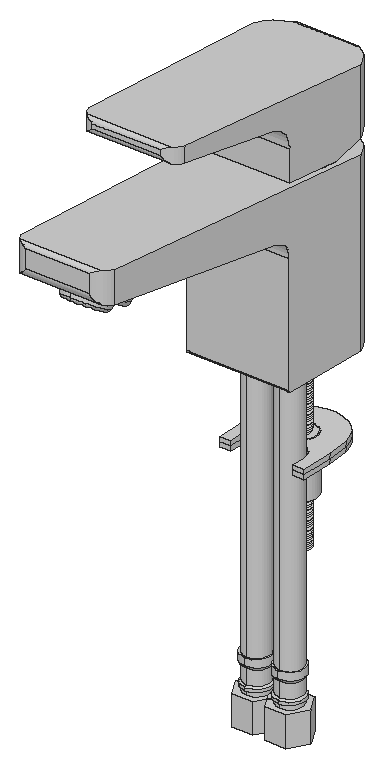
Revit family "SB-2411", category Plumbing Equipment, host Face, Revit 2023
Family settings
  Host = Face
  Round Connector Dimension = Use Diameter
  Classification = None
  Part Type = Normal
  Cut with Voids When Loaded = No
  Maintain Annotation Orientation = No
  Shared = No
  Room Calculation Point = No
Parameters
  Material = Steel
  Default Elevation = 4' - 0"
Reference planes (in)
  plane 1 "Center (Front/Back)": y = 0
  plane 2: z = 0
  plane 3 "Center (Left/Right)": x = 0
  plane 4: z = 3.25
  plane 5: y = -4
  plane 6: z = 2.34375
  plane 7: y = -0.625
  plane 8: y = 0.625
Forms (in)
  Extrusion 1, solid, material "Steel" <- "Material"
    sketch origin (0, -14.87687, -8.3248) x (0, 1, 0) y (0, 0, 1)
      loop
        arc (13.97062, 8.34888) -> (13.97767, 8.33185) -> (13.99469, 8.3248) r 0.02407
        line (13.99469, 8.3248) -> (15.75905, 8.3248)
        arc (15.75905, 8.3248) -> (15.77607, 8.33185) -> (15.78312, 8.34888) r 0.02407
        line (15.78312, 8.34888) -> (15.78312, 11.04824)
        arc (15.78312, 11.04824) -> (15.76649, 11.09097) -> (15.72536, 11.11123) r 0.06323
        line (15.72536, 11.11123) -> (10.41332, 11.5729)
        arc (10.41332, 11.5729) -> (10.36582, 11.55676) -> (10.34562, 11.51083) r 0.0623
        line (10.34562, 11.51083) -> (10.34562, 11.2209)
        arc (10.34562, 11.2209) -> (10.38181, 11.12275) -> (10.47307, 11.0716) r 0.15118
        line (10.47307, 11.0716) -> (13.71283, 10.55668)
        arc (13.71283, 10.55668) -> (13.89741, 10.45321) -> (13.97062, 10.25469) r 0.30578
        line (13.97062, 10.25469) -> (13.97062, 8.34888)
    from -0.85938 to 0.85937
  Extrusion 2, solid, material "Steel" <- "Material"
    sketch origin (0, 0, 0.10303) x (0, 1, 0) y (0, 0, 1)
      loop
        line (-0.90387, 2.90975) -> (0.01491, 2.8299) -> (0.90625, 3.09963) -> (0.90625, 3.95042)
        arc (0.90625, 3.95042) -> (0.89577, 3.97736) -> (0.86984, 3.99013) r 0.03986
        line (0.86984, 3.99013) -> (-3.0869, 4.33424)
        arc (-3.0869, 4.33424) -> (-3.13249, 4.31875) -> (-3.15187, 4.27467) r 0.05979
        line (-3.15187, 4.27467) -> (-3.15187, 4.1945)
        arc (-3.15187, 4.1945) -> (-3.12757, 4.12852) -> (-3.06628, 4.09406) r 0.10173
        line (-3.06628, 4.09406) -> (-1.23658, 3.80009)
        arc (-1.23658, 3.80009) -> (-0.99833, 3.66614) -> (-0.90387, 3.40966) r 0.39544
        line (-0.90387, 3.40966) -> (-0.90387, 2.90975)
    from -0.85938 to 0.85937
  Revolve 3, solid, material "Steel" <- "Material"
    sketch origin (0, 0.01562, 0) x (0, 1, 0) y (0, 0, 1)
      loop
        line (0.43824, -0.04407) -> (0.48499, -0.06409) -> (0.4448, -0.07486) -> (0.48499, -0.09489) -> (0.4448, -0.10566) -> (0.48499, -0.1257) -> (0.4448, -0.13646) -> (0.48899, -0.15849) -> (0.45097, -0.16868) -> (0.48499, -0.1778) -> (0.45387, -0.18614) -> (0.45387, -0.51892) -> (0.48499, -0.53225) -> (0.4448, -0.54302) -> (0.48499, -0.56306) -> (0.4448, -0.57383) -> (0.48499, -0.59386) -> (0.4448, -0.60463) -> (0.48899, -0.62666) -> (0.45097, -0.63684) -> (0.48499, -0.64596) -> (0.44811, -0.66726) -> (0.48499, -0.68306) -> (0.4448, -0.69383) -> (0.48499, -0.71386) -> (0.4448, -0.72463) -> (0.48499, -0.74466) -> (0.4448, -0.75543) -> (0.48899, -0.77746) -> (0.45097, -0.78765) -> (0.48499, -0.79676) -> (0.44116, -0.80851) -> (0.48499, -0.82728) -> (0.4448, -0.83805) -> (0.48499, -0.85808) -> (0.4448, -0.86885) -> (0.48499, -0.88888) -> (0.4448, -0.89965) -> (0.48899, -0.92168) -> (0.45097, -0.93187) -> (0.48499, -0.94099) -> (0.44544, -0.96114) -> (0.48499, -0.97808) -> (0.4448, -0.98885) -> (0.48499, -1.00888) -> (0.4448, -1.01965) -> (0.48499, -1.03968) -> (0.4448, -1.05045) -> (0.48899, -1.07248) -> (0.45097, -1.08267) -> (0.48499, -1.09179) -> (0.43721, -1.10459) -> (0.48499, -1.12505) -> (0.4448, -1.13582) -> (0.48499, -1.15585) -> (0.4448, -1.16662) -> (0.48499, -1.18666) -> (0.4448, -1.19742) -> (0.48899, -1.21945) -> (0.45097, -1.22964) -> (0.48499, -1.23876) -> (0.43171, -1.25303) -> (0.48499, -1.27585) -> (0.4448, -1.28662) -> (0.48499, -1.30665) -> (0.4448, -1.31742) -> (0.48499, -1.33746) -> (0.4448, -1.34823) -> (0.47157, -1.375) -> (0.58086, -1.375) -> (0.58086, -2.27118) -> (0.48499, -2.27118) -> (0.4448, -2.28195) -> (0.48899, -2.30398) -> (0.45097, -2.31417) -> (0.48499, -2.32328) -> (0.44116, -2.33503) -> (0.48499, -2.3538) -> (0.4448, -2.36457) -> (0.48499, -2.3846) -> (0.4448, -2.39537) -> (0.48499, -2.4154) -> (0.4448, -2.42617) -> (0.48899, -2.4482) -> (0.45097, -2.45839) -> (0.48499, -2.4675) -> (0.43171, -2.48178) -> (0.48499, -2.5046) -> (0.4448, -2.51537) -> (0.48499, -2.5354) -> (0.4448, -2.54617) -> (0.48499, -2.5662) -> (0.4448, -2.57697) -> (0.48899, -2.599) -> (0.45097, -2.60919) -> (0.48499, -2.61831) -> (0.43721, -2.63111) -> (0.48499, -2.65157) -> (0.4448, -2.66234) -> (0.48499, -2.68237) -> (0.4448, -2.69314) -> (0.48499, -2.71317) -> (0.4448, -2.72394) -> (0.48899, -2.74597) -> (0.45097, -2.75616) -> (0.48499, -2.76528) -> (0.43171, -2.77955) -> (0.48499, -2.80237) -> (0.4448, -2.81314) -> (0.48499, -2.83317) -> (0.4448, -2.84394) -> (0.48499, -2.86398) -> (0.4448, -2.87475) -> (0.48499, -2.89478) -> (0.4448, -2.90555) -> (0.48899, -2.92757) -> (0.45097, -2.93776) -> (0.48499, -2.94688) -> (0.43171, -2.96116) -> (0.48499, -2.98397) -> (0.4448, -2.99474) -> (0.48499, -3.01478) -> (0.4448, -3.02555) -> (0.48499, -3.04558) -> (0.3212, -3.04558) -> (0.3212, 0) -> (0.49963, 0) -> (0.4448, -0.01469) -> (0.48499, -0.03472) -> (0.44281, -0.04603)
      axis (0.3212, 0) -> (0.3212, -3.04558)
    angle from 0 to 360
  Extrusion 4, solid, material "Steel" <- "Material"
    sketch origin (0, 0, 0) x (0, 1, 0) y (-1, 0, 0)
      loop
        arc (0.45804, -0.64798) -> (0.97359, -0.00037) -> (0.45804, 0.64724) r 0.66453
        arc (0.45804, 0.64724) -> (0.27447, 0.67455) -> (0.08922, 0.6837) r 1.96732
        arc (0.08922, 0.6837) -> (-0.16994, 0.68946) -> (-0.42878, 0.67534) r 3.37866
        line (-0.42878, 0.67534) -> (-0.42878, 0.494) -> (-0.20387, 0.494)
        arc (-0.20387, 0.494) -> (-0.04765, 0.44372) -> (0.04993, 0.31178) r 0.26785
        line (0.04993, 0.31178) -> (0.04993, -0.31312)
        arc (0.04993, -0.31312) -> (-0.04765, -0.44506) -> (-0.20387, -0.49533) r 0.26785
        line (-0.20387, -0.49533) -> (-0.42755, -0.49533) -> (-0.42755, -0.67545)
        arc (-0.42755, -0.67545) -> (-0.16932, -0.68947) -> (0.08922, -0.6837) r 3.37866
        arc (0.08922, -0.6837) -> (0.27447, -0.67455) -> (0.45804, -0.64798) r 1.96732
      loop
        circle (0.3212, 0) r 0.25966
    from -1.44754 to -1.375
  Revolve 5, solid, material "Steel" <- "Material"
    sketch origin (0.26694, -14.29444, -11.35248) x (0, 1, 0) y (0, 0, 1)
      loop
        line (14.29444, 11.19066) -> (14.33149, 11.19066) -> (14.29444, 11.22771) -> (14.29444, 11.35248) -> (14.09536, 11.35248) -> (14.09536, 6.38421) -> (14.29444, 6.38421) -> (14.29444, 6.46643) -> (14.32569, 6.46643) -> (14.32569, 6.50732) -> (14.29444, 6.53857) -> (14.29444, 6.77104) -> (14.32692, 6.81432) -> (14.32692, 6.93803) -> (14.29444, 6.93803) -> (14.29444, 11.19066)
      axis (14.09536, 11.35248) -> (14.09536, 6.38421)
    angle from 0 to 360
  Extrusion 6, solid, material "Steel" <- "Material"
    sketch origin (0, 0, -0.07254) x (0, 1, 0) y (-1, 0, 0)
      loop
        arc (0.45804, -0.64798) -> (0.97359, -0.00037) -> (0.45804, 0.64724) r 0.66453
        arc (0.45804, 0.64724) -> (0.27447, 0.67455) -> (0.08922, 0.6837) r 1.96732
        arc (0.08922, 0.6837) -> (-0.16994, 0.68946) -> (-0.42878, 0.67534) r 3.37866
        line (-0.42878, 0.67534) -> (-0.42878, 0.494) -> (-0.20387, 0.494)
        arc (-0.20387, 0.494) -> (-0.04765, 0.44372) -> (0.04993, 0.31178) r 0.26785
        line (0.04993, 0.31178) -> (0.04993, -0.31312)
        arc (0.04993, -0.31312) -> (-0.04765, -0.44506) -> (-0.20387, -0.49533) r 0.26785
        line (-0.20387, -0.49533) -> (-0.42755, -0.49533) -> (-0.42755, -0.67545)
        arc (-0.42755, -0.67545) -> (-0.16932, -0.68947) -> (0.08922, -0.6837) r 3.37866
        arc (0.08922, -0.6837) -> (0.27447, -0.67455) -> (0.45804, -0.64798) r 1.96732
      loop
        circle (0.3212, 0) r 0.25966
    from -1.44754 to -1.375
  Revolve 7, solid, material "Steel" <- "Material"
    sketch origin (0, -0.13776, 0.08435) x (0, 1, 0) y (0, 0, 1)
      loop
        line (-3.28508, 2.16558) -> (-3.06755, 2.53441) -> (-3.39193, 2.58597) -> (-3.66114, 2.13843) -> (-3.6145, 2.11037)
        arc (-3.6145, 2.11037) -> (-3.58367, 2.1038) -> (-3.55535, 2.11761) r 0.04838
        line (-3.55535, 2.11761) -> (-3.48292, 2.19004) -> (-3.38113, 2.13777)
        arc (-3.38113, 2.13777) -> (-3.32758, 2.1326) -> (-3.28508, 2.16558) r 0.07287
      axis (-3.86224, 2.2594) -> (-3.52961, 2.81236)
    angle from 0 to 360
  Revolve 8, solid, material "Steel" <- "Material"
    sketch origin (0, 0, 0) x (0, 1, 0) y (0, 0, 1)
      loop
        line (0, 2.77566) -> (0.76116, 2.77566) -> (0.76116, 2.83344)
        arc (0.76116, 2.83344) -> (0.53822, 3.37166) -> (0, 3.5946) r 0.76116
        line (0, 3.5946) -> (0, 2.77566)
      axis (0, 3.5946) -> (0, 2.77566)
    angle from 0 to 360
  Extrusion 9, void
    sketch origin (0, 0, 0) x (1, 0, 0) y (0, 1, 0)
      loop
        line (0.85874, 0.48399) -> (0.73703, -4.31294)
        arc (0.73703, -4.31294) -> (0.66117, -4.45912) -> (0.51311, -4.53125) r 0.26224
        line (0.51311, -4.53125) -> (0.51311, -5.20578) -> (1.67369, -5.20578) -> (1.67369, 1.86508) -> (0.43647, 1.86508) -> (0.43647, 0.90625)
        arc (0.43647, 0.90625) -> (0.69526, 0.74277) -> (0.85874, 0.48399) r 0.69516
    from -0.64596 to 12
  Extrusion 10, void
    sketch origin (0, 0, 0) x (1, 0, 0) y (0, 1, 0)
      loop
        line (0.85874, 0.48399) -> (0.77203, -2.93357)
        arc (0.77203, -2.93357) -> (0.69617, -3.07975) -> (0.54811, -3.15187) r 0.26224
        line (0.54811, -3.15187) -> (0.54811, -3.37779) -> (1.67369, -3.37779) -> (1.67369, 1.86508) -> (0.43647, 1.86508) -> (0.43647, 0.90625)
        arc (0.43647, 0.90625) -> (0.69526, 0.74277) -> (0.85874, 0.48399) r 0.69516
    from 2.69481 to 12
  Extrusion 11, void
    sketch origin (0, 0, 0) x (-1, 0, 0) y (0, -1, 0)
      loop
        arc (0.85874, -0.48399) -> (0.69526, -0.74277) -> (0.43647, -0.90625) r 0.69516
        line (0.43647, -0.90625) -> (0.43647, -1.86508) -> (1.67369, -1.86508) -> (1.67369, 5.20578) -> (0.51311, 5.20578) -> (0.51311, 4.53125)
        arc (0.51311, 4.53125) -> (0.66117, 4.45912) -> (0.73703, 4.31294) r 0.26224
        line (0.73703, 4.31294) -> (0.85874, -0.48399)
    from -0.64596 to 12
  Extrusion 12, void
    sketch origin (0, 0, 0) x (-1, 0, 0) y (0, -1, 0)
      loop
        arc (0.85874, -0.48399) -> (0.69526, -0.74277) -> (0.43647, -0.90625) r 0.69516
        line (0.43647, -0.90625) -> (0.43647, -1.86508) -> (1.67369, -1.86508) -> (1.67369, 3.37779) -> (0.54811, 3.37779) -> (0.54811, 3.15187)
        arc (0.54811, 3.15187) -> (0.69617, 3.07975) -> (0.77203, 2.93357) r 0.26224
        line (0.77203, 2.93357) -> (0.85874, -0.48399)
    from 2.69481 to 12
  Extrusion 13, solid, material "Steel" <- "Material"
    sketch origin (0.26694, -0.19908, -4.96827) x (0, 1, 0) y (1, 0, 0)
      loop
        line (0, 0.33623) -> (-0.29118, 0.16812) -> (-0.29118, -0.16812) -> (0, -0.33623) -> (0.29118, -0.16812) -> (0.29118, 0.16812) -> (0, 0.33623)
    from 0 to 0.47981
  Revolve 14, solid, material "Steel" <- "Material"
    sketch origin (-0.26694, -14.29444, -11.35248) x (0, 1, 0) y (0, 0, -1)
      loop
        line (14.29444, -11.19066) -> (14.29444, -6.93803) -> (14.32692, -6.93803) -> (14.32692, -6.81432) -> (14.29444, -6.77104) -> (14.29444, -6.53857) -> (14.32569, -6.50732) -> (14.32569, -6.46643) -> (14.29444, -6.46643) -> (14.29444, -6.38421) -> (14.09536, -6.38421) -> (14.09536, -11.35248) -> (14.29444, -11.35248) -> (14.29444, -11.22771) -> (14.33149, -11.19066) -> (14.29444, -11.19066)
      axis (14.09536, -11.35248) -> (14.09536, -6.38421)
    angle from 0 to 360
  Extrusion 15, solid, material "Steel" <- "Material"
    sketch origin (-0.26694, -0.19908, -4.96827) x (1, 0, 0) y (0, -1, 0)
      loop
        line (-0.33623, 0) -> (-0.16812, -0.29118) -> (0.16812, -0.29118) -> (0.33623, 0) -> (0.16812, 0.29118) -> (-0.16812, 0.29118) -> (-0.33623, 0)
    from 0 to 0.47981
Cuts and joins
  Extrusion 9, Extrusion 11 cuts Extrusion 1
  Extrusion 10, Extrusion 12 cuts Extrusion 2
  Extrusion 9, Extrusion 11 cuts Revolve 7
  Extrusion 11 cuts Revolve 8
  joined: Extrusion 1, Extrusion 2, Revolve 7, Revolve 8
Lines and regions (in)
  symbolic lines, not visible
    curve 1: line (-0.26694, 0, -5.44808) -> (1.00513, 0, -6.24296)
    curve 2: line (1.00513, 0, -6.24296) -> (2.17065, 0, -6.24296)
    curve 3: line (0.26694, 0, -5.44808) -> (1.00513, 0, -6.24296)
    curve 4: line (-0.26694, 0, -5.44808) -> (-0.13078, 0, -5.65775)
    curve 5: line (-0.26694, 0, -5.44808) -> (-0.01881, 0, -5.47855)
    curve 6: line (0.26694, 0, -5.44808) -> (0.34371, 0, -5.686)
    curve 7: line (0.26694, 0, -5.44808) -> (0.49855, 0, -5.54221)
Text (in)
  text "5-7/8\" WHEN IN THE \"ON\" POSITION " at (-2.36006, -2.08415, 0), in view "Ref. Level"
  text "MAX. DECK\nTHICKNESS " at (-2.94118, 0, 0.15309), in view "Front"
  text "3/8\" COMPRESSION FITTINGS (9/16\"-24 UNEF-2B FEMALE THREAD) HOT & COLD INLETS " at (5.55112, 0, -6.05168), in view "Front"
  text "5-1/2\" MAX. WHEN IN THE \"ON\" POSITION " at (0, 3.0434, 2.0689), in view "Right"
  text "DECK HOLE DIA." at (0, 1.16321, -1.18685), in view "Right"
  text "DECK HOLE DIA." at (0, -1.1597, -1.09097), in view "Left"
  text "5-1/2\" MAX. WHEN IN THE \"ON\" POSITION " at (0, 2.7274, 2.07103), in view "Left"
Dimensions and locks (in)
  cut or joined group 1 (Extrusion 1, Extrusion 2, Revolve 7, Revolve 8, Extrusion 9, Extrusion 10, Extrusion 11, Extrusion 12) to cut or joined group 1 = 0' - 5 7/16"
  cut or joined group 1 to Extrusion 4 = 0' - 1 3/8"
  cut or joined group 1 to cut or joined group 1 = 0' - 1.71747"
  cut or joined group 1 to cut or joined group 1 = 0' - 4 7/16"  (x2)
  plane 5 to plane 1 "Center (Front/Back)" = 0' - 4"
  cut or joined group 1 to plane 1 "Center (Front/Back)" = 0' - 4 17/32"
  plane 6 to cut or joined group 1 = 0' - 2 11/32"
  cut or joined group 1 to cut or joined group 1 = 0' - 3.24833"  (x2)
  cut or joined group 1 to cut or joined group 1 = 0' - 1 13/16"  (x2)
  plane 7 to plane 8 = 0' - 1 1/4"
  plane 1 "Center (Front/Back)" to plane 5 = 0' - 4"
  plane 1 "Center (Front/Back)" to cut or joined group 1 = 0' - 4 17/32"
  cut or joined group 1 to plane 6 = 0' - 2 11/32"
  plane 8 to plane 7 = 0' - 1 1/4"
  aligned and locked: host face to plane 2
  aligned and locked: level to host face
